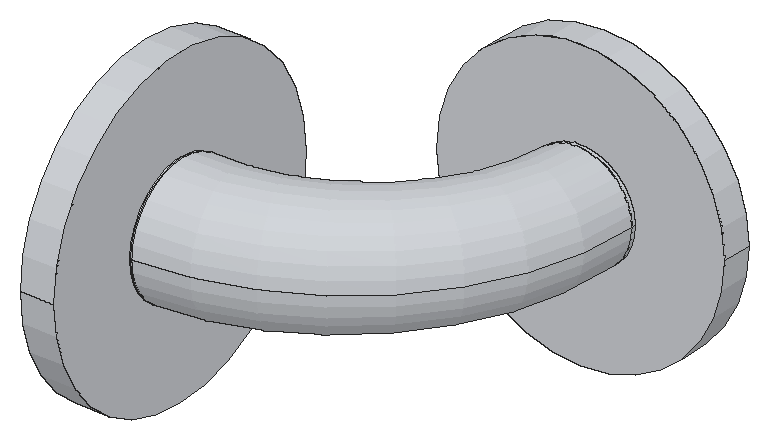
Revit family "dc59bf16f8dd4b7191db76073fc70bc7", category Pipe Fittings, Revit 2021
Family settings
  Round Connector Dimension = Use Radius
  Part Type = Elbow
  OmniClass Number = 23.60.30.11.14
  OmniClass Title = Pipework Fittings
  Seek Item ID = Elbow Reducing - Flanged - GI - Class 125-0000-USA-ENU
  Work Plane-Based = No
  Always vertical = Yes
  Cut with Voids When Loaded = No
  Shared = No
Parameters (values of type "Standard")
  Wall Thickness 2 [instance] = size_lookup(Lookup Table Name, "WThk", 0.04 * Nominal Diameter 2 + 5/16", Nominal Diameter 2)  # 0.31102"
  Wall Thickness 1 [instance] = size_lookup(Lookup Table Name, "WThk", 0.04 * Nominal Diameter 1 + 5/16", Nominal Diameter 1)  # 0.31102"
  Tick Size 2 [instance] = Flange Diameter 2 * 0.4  # 1.70079"
  Tick Size 1 [instance] = Flange Diameter 1 * 0.4  # 1.85827"
  Nominal Radius 2 [instance] = 1/2"
  Nominal Diameter 2 [instance] = Nominal Radius 2 * 2  # 1"
  Loss Method = K Coefficient from Table
  Lookup Table Name = "Elbow Reducing - Flanged - GI - Class 125"
  Length 8 [instance] = Center to Face - if(Max Nominal Diameter 12 = Nominal Diameter 1, Flange Thickness 1, Flange Thickness 2)  # 3.24016"
  Length 7 [instance] = Length 1 + Length 1 * cos(Angle) + (Flange Thickness 2 + Length 5) * cos(Angle)  # 3.24016"
  Length 6 [instance] = (Flange Thickness 2 + Length 5) * sin(Angle)  # 1/2"
  Length 5 [instance] = if(Max Nominal Diameter 12 = Nominal Diameter 2, 1/32", if(Center to Face - Flange Thickness 2 - Length 1 > 1/32", Center to Face - Flange Thickness 2 - Length 1, 1/32"))  # 0.06299"
  Length 4 [instance] = if(Max Nominal Diameter 12 = Nominal Diameter 1, 1/32", if(Center to Face - Flange Thickness 1 - Length 1 > 1/32", Center to Face - Flange Thickness 1 - Length 1, 1/32"))  # 1/32"
  Length 3 [instance] = Length 1 + Length 1 * cos(Angle)  # 3.24016"
  Length 2 [instance] = Length 1 * sin(Angle)  # 3.24016"
  Max Nominal Diameter 12 [instance] = if(Nominal Diameter 1 > Nominal Diameter 2, Nominal Diameter 1, Nominal Diameter 2)  # 1 1/4"
  Max Insulation Radius 12 [instance] = if(Fitting Outside Radius 1 > Fitting Outside Radius 2, Fitting Outside Radius 1, Fitting Outside Radius 2)  # 0.94094"
  K Coefficient Table = "Regular Flanged 90 and 180 Elbow"
  Flange Thickness 2 [instance] = size_lookup(Lookup Table Name, "FThk", 0.05 * Nominal Diameter 2 + 161/256", Nominal Diameter 2)  # 0.43701"
  Flange Radius 2 [instance] = Flange Diameter 2 / 2  # 2.12598"
  Flange Diameter 2 [instance] = size_lookup(Lookup Table Name, "FDia", 1.19 * Nominal Diameter 2 + 3 31/32", Nominal Diameter 2)  # 4.25197"
  Fitting Outside Radius 2 [instance] = Fitting Outside Diameter 2 / 2  # 0.80315"
  Fitting Outside Radius 1 [instance] = Fitting Outside Diameter 1 / 2  # 0.94094"
  Fitting Outside Diameter 2 [instance] = Fitting Inside Diameter 2 + Wall Thickness 2 * 2  # 1.6063"
  Fitting Outside Diameter 1 [instance] = Fitting Inside Diameter 1 + Wall Thickness 1 * 2  # 1.88189"
  Length 1 [instance] = if(Max Insulation Radius 12 * tan(Angle / 2) > Length 8, Max Insulation Radius 12 * tan(Angle / 2) + 1/32", Length 8)  # 3.24016"
  Nominal Radius 1 [instance] = 5/8"
  Nominal Diameter 1 [instance] = Nominal Radius 1 * 2  # 1 1/4"
  Fitting Inside Diameter 2 [instance] = size_lookup(Lookup Table Name, "FID", 1.02 * Nominal Diameter 2 - 11/256", Nominal Diameter 2)  # 0.98425"
  Fitting Inside Diameter 1 [instance] = size_lookup(Lookup Table Name, "FID", 1.02 * Nominal Diameter 1 - 11/256", Nominal Diameter 1)  # 1.25984"
  Default Elevation = 0' - 0"
  Center to Face [instance] = size_lookup(Lookup Table Name, "CtF", 0.68 * Max Nominal Diameter 12 + 3 49/64", Max Nominal Diameter 12)  # 3.74016"
  Center Radius [instance] = Length 1 / tan(Angle / 2)  # 3.24016"
  Flange Thickness 1 [instance] = size_lookup(Lookup Table Name, "FThk", 0.05 * Nominal Diameter 1 + 161/256", Nominal Diameter 1)  # 1/2"
  Flange Radius 1 [instance] = Flange Diameter 1 / 2  # 2.32283"
  Flange Diameter 1 [instance] = size_lookup(Lookup Table Name, "FDia", 1.19 * Nominal Diameter 1 + 3 31/32", Nominal Diameter 1)  # 4.64567"
  Assembly Code = ""
  Angle [instance] = 90.00°
Reference planes (in)
  plane 1 "Center (Front/Back)": y = 0
  plane 2: z = 0
  plane 3 "Center (Left/Right)": x = 0
  plane 4: x = -3.24016
  plane 5: y = 3.24016
  plane 6: x = 0
  plane 7: y = 3.24016
  plane 8: x = -3.27141
  plane 9: x = -3.77141
  plane 10: x = 0
  plane 11: y = 3.74016
Forms (in)
  SweptBlend 1, solid, detail levels fine
    path in 3D
      loop
        arc (-3.24016, 0, 0) -> (-0.94902, 0.94902, 0) -> (0, 3.24016, 0) r 3.24016
    profile origin (-3.24016, 0, 0) x (0, 1, 0) y (0, 0, 1)
      loop
        circle (0, 0) r 0.94094
    end profile origin (0, 3.24016, 0) x (-1, 0, 0) y (0, 0, 1)
      loop
        circle (0, 0) r 0.80315
  Sweep 2, solid, detail levels fine
    path in 3D
      loop
        line (-3.27141, 0, 0) -> (-3.24016, 0, 0)
    profile origin (-3.25578, 0, 0) x (0, 1, 0) y (0, 0, 1)
      loop
        circle (0, 0) r 0.94094
  Sweep 3, solid, detail levels fine
    path in 3D
      loop
        line (0, 3.24016, 0) -> (0, 3.30315, 0)
    profile origin (0, 3.27165, 0) x (-1, 0, 0) y (0, 0, 1)
      loop
        circle (0, 0) r 0.80315
  Sweep 4, solid, detail levels fine
    path in 3D
      loop
        line (-3.27141, 0, 0) -> (-3.77141, 0, 0)
    profile origin (-3.52141, 0, 0) x (0, -1, 0) y (0, 0, 1)
      loop
        circle (0, 0) r 2.32283
  Sweep 5, solid, detail levels fine
    path in 3D
      loop
        line (0, 3.30315, 0) -> (0, 3.74016, 0)
    profile origin (0, 3.52165, 0) x (-1, 0, 0) y (0, 0, 1)
      loop
        circle (0, 0) r 2.12598
Cuts and joins
  joined: Sweep 2, Sweep 4
  joined: Sweep 3, Sweep 5
Lines and regions (in)
  model lines, detail levels coarse+medium
    curve 1: arc (-3.24016, 0, 0) -> (-0.94902, 0.94902, 0) -> (0, 3.24016, 0) r 3.24016
    curve 2: line (-3.27141, 0, 0) -> (-3.24016, 0, 0)
    curve 3: line (-3.27141, 0, 0) -> (-3.77141, 0, 0)
    curve 4: line (0, 3.24016, 0) -> (0, 3.30315, 0)
    curve 5: line (0, 3.30315, 0) -> (0, 3.74016, 0)
    curve 11: line (-3.77141, 0, 0) -> (-3.77141, 1.85827, 0)
    curve 12: line (-3.77141, 0, 0) -> (-3.77141, -1.85827, 0)
    curve 13: line (0, 3.74016, 0) -> (1.70079, 3.74016, 0)
    curve 14: line (0, 3.74016, 0) -> (-1.70079, 3.74016, 0)
  sketch lines
    curve 6: arc (-3.24016, 0, 0) -> (-0.94902, 0.94902, 0) -> (0, 3.24016, 0) r 3.24016
    curve 7: line (-3.27141, 0, 0) -> (-3.24016, 0, 0)
    curve 8: line (0, 3.24016, 0) -> (0, 3.30315, 0)
    curve 9: line (-3.27141, 0, 0) -> (-3.77141, 0, 0)
    curve 10: line (0, 3.30315, 0) -> (0, 3.74016, 0)
Dimensions and locks (in)
  "Length 1": plane 4 to plane 3 "Center (Left/Right)"
  "Center Radius": plane 5 to plane 1 "Center (Front/Back)"
  "Length 3": plane 4 to plane 6
  "Length 2": plane 7 to plane 1 "Center (Front/Back)"
  "Length 4": plane 8 to plane 4
  "Flange Thickness 1": plane 9 to plane 8
  "Length 5": curve 4 to curve 4
  "Flange Thickness 2": curve 5 to curve 5
  "Length 6": plane 11 to plane 7
  "Tick Size 1": curve 11 to curve 11
  "Tick Size 1": curve 12 to curve 12
  "Tick Size 2": curve 13 to curve 13
  "Tick Size 2": curve 14 to curve 14
  "Length 7": plane 4 to plane 10
  "Fitting Outside Radius 1": radius of SweptBlend 1 sketch curve
  "Fitting Outside Radius 2": radius of SweptBlend 1 sketch curve
  "Fitting Outside Radius 1": radius of Sweep 2 sketch curve
  "Fitting Outside Radius 2": radius of Sweep 3 sketch curve
  "Flange Radius 1": radius of Sweep 4 sketch curve
  "Flange Radius 2": radius of Sweep 5 sketch curve
  "Angle": angle curve 1 to curve 1
  "Angle": angle plane 7 to curve 4
  "Angle": angle plane 7 to curve 5
  locked: curve 13 to curve 5 (angle 90.00°)
  locked: curve 5 to curve 14 (angle 90.00°)
  aligned and locked: plane 4 to curve 1
  aligned and locked: plane 1 "Center (Front/Back)" to curve 1
  aligned and locked: plane 1 "Center (Front/Back)" to curve 2
  aligned and locked: plane 8 to curve 3
  aligned and locked: plane 6 to curve 4
  aligned and locked: plane 1 "Center (Front/Back)" to curve 12
  aligned and locked: curve 12 to plane 9
Automatic sketch dimensions
  SweptBlend 1 sketch curve to profile plane = 0' - 0"  (x4)
  Sweep 2 sketch curve to profile plane = 0' - 0"  (x2)
  Sweep 3 sketch curve to profile plane = 0' - 0"  (x2)
  Sweep 4 sketch curve to profile plane = 0' - 0"  (x2)
  Sweep 5 sketch curve to profile plane = 0' - 0"  (x2)
Connectors (in)
  piping at (-3.77141, 0, 0), diameter 1.25, driven by "Nominal Radius 1", driven by "Angle"
    settings: on Sweep 4, index 1, connector inside diameter 1 1/4", connector length 0' - 0", flow factor 0, pipe flow 0 GPM, pressure drop 0.00 psi, fitting loss kfactor 0, connector angle 90.00°, fixture units 0, engagement length 0' - 0", angle of deflection 0.00°, flow configuration 0, flow direction 0, fitting loss method 0, system type 28, joint type 0, gender type 0, connector reference index 2, connector utility 0, adjustable connector no, is connector primary yes, connector description ""
  piping at (0, 3.74016, 0), diameter 1, driven by "Angle", driven by "Nominal Radius 2"
    settings: on Sweep 5, index 2, connector inside diameter 1", connector length 0' - 0", flow factor 0, pipe flow 0 GPM, pressure drop 0.00 psi, fitting loss kfactor 0, connector angle 90.00°, fixture units 0, engagement length 0' - 0", angle of deflection 0.00°, flow configuration 0, flow direction 0, fitting loss method 0, system type 28, joint type 0, gender type 0, connector reference index 1, connector utility 0, adjustable connector no, is connector primary no, connector description ""
